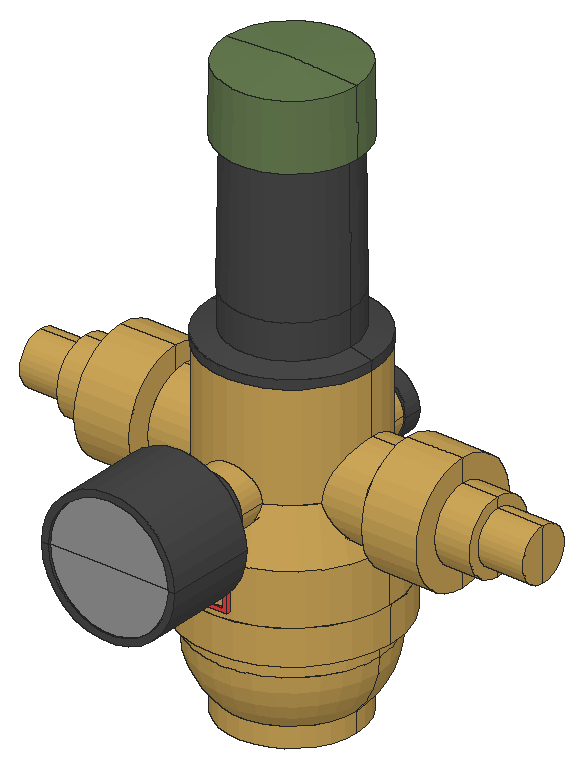
Revit family "Druckminderer mit Messingkappe 2682", category Rohrzubehör, Revit 2020
Family settings
  Bemaßung runder Anschluss = Durchmesser verwenden
  Teiletyp = Unterbricht
  OmniClass-Nummer = 23.65.55.14
  OmniClass-Titel = Valves for Liquid Services
  Arbeitsebenenbasiert = Nein
  Immer vertikal = Ja
  Beim Laden mit Abzugskörper schneiden = Nein
  Gemeinsam genutzt = Nein
Parameters (values of type "Manometer vorne")
  Werkseinstellung (sekundärseitig) = 300000.0 Pa  # constant formula
  W01 = 91.00°  # constant formula
  Vorne [instance] = yes
  Vorgabe-Ansicht = 0.000 mm
  VRL03 [instance] = size_lookup("2682_M_", "VRL3", 1.000 mm, Nennweite)  # 23.500 mm
  VRL02 [instance] = size_lookup("2682_M_", "VRL2", 1.000 mm, Nennweite)  # 16.000 mm
  VRL01 [instance] = size_lookup("2682_M_", "VRL1", 1.000 mm, Nennweite)  # 73.500 mm
  VRD02 [instance] = size_lookup("2682_M_", "VRD2", 1.000 mm, Nennweite)  # 17.000 mm
  VRD01 [instance] = size_lookup("2682_M_", "VRD1", 1.000 mm, Nennweite)  # 10.500 mm
  VRAG [instance] = Nennweite / 2  # 7.500 mm
  URL = "www.herz-armaturen.at"
  Standard = "EN 1567"  # constant formula
  SC_NennweiteBerechnet = 0
  SC_Dimension = ""
  SCTWSEQ = "AW;SBT_TYP_AW=\"111\";2"
  SCTWCODE = "04;24;02"  # constant formula
  S02 = 10.000 mm  # constant formula
  S01 [instance] = VRD02 * 2  # 34.000 mm
  R07 [instance] = R05 + 0.800 mm  # 9.300 mm
  R06 = 19.500 mm  # constant formula
  R05 [instance] = size_lookup("2682_M_", "R5", 1.000 mm, Nennweite)  # 8.500 mm
  R04 [instance] = size_lookup("2682_M_", "R4", 1.000 mm, Nennweite)  # 18.900 mm
  R03 [instance] = size_lookup("2682_M_", "R3", 1.000 mm, Nennweite)  # 19.250 mm
  R02 [instance] = size_lookup("2682_M_", "R2", 1.000 mm, Nennweite)  # 28.750 mm
  R01 [instance] = size_lookup("2682_M_", "R1", 1.000 mm, Nennweite)  # 23.250 mm
  Oberteile = "PA6.6"  # constant formula
  Nennweite [instance] = 15.000 mm
  Membrane = "EPDM"  # constant formula
  Medium = "Wasser"  # constant formula
  Max. Vordruck (primärseitig) = 1600000.0 Pa  # constant formula
  Max. Betriebstemperatur = 70 °C  # constant formula
  Maschenweite Filter = "0.3 mm"  # constant formula
  Manometerskala = "0 - 10 bar"  # constant formula
  Manometeranschluss (beidseitig) N = "1/4\" F (ISO 228-1)"
  LO01 [instance] = H02 - 2.000 mm  # 27.000 mm
  L01 [instance] = size_lookup("2682_M_", "L1", 1.000 mm, Nennweite)  # 10.600 mm
  L00 [instance] = size_lookup("2682_M_", "L", 1.000 mm, Nennweite)  # 84.000 mm
  Kappe = "Messing CW617N"  # constant formula
  Holländeranschlüsse = "Messing CW617N"  # constant formula
  Hinweis = "Gemäß Art 33 der REACH-Verordnung (EG Nr. 1907/2006) sind wir verpflichtet, darauf hinzuweisen, dass der Stoff Blei auf der SVHC-Liste geführt wird und dass alle aus Messing bestehenden Bauteile, die in unseren Erzeugnissen verarbeitet sind, mehr als 0,1 % (w/w) Blei (CAS: 7439-92-1 / EINECS: 231-100-4) enthalten.\r\nDa Blei als Legierungsbestandteil fest gebunden ist, sind keine Expositionen zu erwarten und daher sind keine zusätzlichen Angaben zur sicheren Verwendung notwendig."
  Hinten [instance] = no
  Hersteller = "HERZ Armaturen Ges.m.b.H."  # constant formula
  Handgriff = "PA 6.6, grün"  # constant formula
  H12 [instance] = size_lookup("2682_M_", "H12", 1.000 mm, Nennweite)  # 5.800 mm
  H11 [instance] = size_lookup("2682_M_", "H11", 1.000 mm, Nennweite)  # 10.000 mm
  H10 [instance] = size_lookup("2682_M_", "H10", 1.000 mm, Nennweite)  # 37.000 mm
  H09 [instance] = H01 + H04 - H05  # 84.500 mm
  H08 [instance] = size_lookup("2682_M_", "H8", 1.000 mm, Nennweite)  # 20.000 mm
  H07 [instance] = size_lookup("2682_M_", "H7", 1.000 mm, Nennweite)  # 10.000 mm
  H06 [instance] = size_lookup("2682_M_", "H6", 1.000 mm, Nennweite)  # 2.500 mm
  H05 [instance] = size_lookup("2682_M_", "H5", 1.000 mm, Nennweite)  # 4.700 mm
  H04 [instance] = size_lookup("2682_M_", "H4", 1.000 mm, Nennweite)  # 58.700 mm
  H03 [instance] = D02 + 1.000 mm  # 14.220 mm
  H02 [instance] = size_lookup("2682_M_", "H2", 1.000 mm, Nennweite)  # 29.000 mm
  H01 [instance] = size_lookup("2682_M_", "H1", 1.000 mm, Nennweite)  # 30.500 mm
  Gehäuse (DN32-DN50) = "Gussmessing (EN 1982; CC770S)"  # constant formula
  Gehäuse (DN15-DN25) = "geschmiedetes Messing (EN 12165; CW626N)"  # constant formula
  GT1 [instance] = size_lookup("2682_M_", "GT1", 1.000 mm, Nennweite)  # 12.000 mm
  GT [instance] = size_lookup("2682_M_", "GT", 1.000 mm, Nennweite)  # 13.200 mm
  Filter = "Edelstahl"  # constant formula
  Federführung = "Edelstahl"  # constant formula
  Feder = "Federstahl"  # constant formula
  Einstellbereich (sekundärseitig) = "1.5 - 6 bar"  # constant formula
  Dichtung im Druckreduziererelement = "EPDM"  # constant formula
  Dichtung der Holländeranschlüsse = "Klingersil C-4324"  # constant formula
  D09 [instance] = size_lookup("2682_M_", "D9", 1.000 mm, Nennweite)  # 19.000 mm
  D08 [instance] = size_lookup("2682_M_", "D8", 1.000 mm, Nennweite)  # 25.800 mm
  D07 [instance] = size_lookup("2682_M_", "D7", 1.000 mm, Nennweite)  # 29.000 mm
  D06 [instance] = size_lookup("2682_M_", "D6", 1.000 mm, Nennweite)  # 16.000 mm
  D05 [instance] = size_lookup("2682_M_", "D5", 1.000 mm, Nennweite)  # 16.800 mm
  D04 [instance] = size_lookup("2682_M_", "D4", 1.000 mm, Nennweite)  # 17.300 mm
  D03 [instance] = size_lookup("2682_M_", "D3", 1.000 mm, Nennweite)  # 23.500 mm
  D02 [instance] = size_lookup("2682_M_", "D2", 1.000 mm, Nennweite)  # 13.220 mm
  D01 [instance] = size_lookup("2682_M_", "D1", 1.000 mm, Nennweite)  # 9.525 mm
  Bestellnummer [instance] = size_lookup("2682_M_", "Artnr", 0, Nennweite)  # 1268221
  B03 = 5.000 mm  # constant formula
  B02 = 26.000 mm  # constant formula
  B01 [instance] = size_lookup("2682_M_", "B1", 1.000 mm, Nennweite)  # 30.000 mm
  B00 [instance] = size_lookup("2682_M_", "B", 1.000 mm, Nennweite)  # 67.000 mm
  Außengewinde = "gemäß ISO 7-1 und ISO228"  # constant formula
  Anwendung = "Typischerweise dient der Druckreduzierer dazu, Installationen beziehungsweise Anlagen vor zu hohem Druck zu schützen.\r\nWeiters können Druckreduzierer in Heizungsanlagen eingesetzt werden, um zu hohe Drücke im Boiler zu verhindern.\r\nDer Druck nach dem Druckreduzierer ist im angegebenen Bereich einstellbar und steht nicht im Zusammenhang mit dem Vordruck.\r\nUm den Druck nach dem Druckreduzierer zu steigern, muss der Handgriff im Uhrzeigersinn gedreht werden.\r\nDurch das Einstellen von Drücken, welche die vorgegebene Skala überschreiten, können Schäden am Druckreduzierer entstehen.\r\nWir empfehlen einen maximalen Hinterdruck sekundärseitig von 4 bar für Anlagen in privaten Haushalten (lange Produktlebensdauer, geringe Kosten).\r\nNach jeder Änderung des Einstellwertes muss die Ausgangsseite druckentlastet werden, zum Beispiel durch Wasserzapfen."
Types (3, lengths in mm): name | Vorne | Hinten
  (no name) | yes | no
  Manometer vorne | yes | no
  Manometer hinten | no | yes
Reference planes
  plane 1 "Mitte (Vorne/hinten)": y = 0
  plane 2: z = 0
  plane 3 "Mitte (Links/rechts)": x = 0
Forms (mm)
  Revolve 1, solid, material "Messing, weicher Gelbton, geschweißt", detail levels fine
    sketch origin (0, 0, 0) x (1, 0, 0) y (0, 0, 1)
      loop
        line (-42, 0) -> (42, 0) -> (42, 9.525) -> (31.4, 9.525) -> (31.4, 13.22) -> (-31.4, 13.22) -> (-31.4, 9.525) -> (-42, 9.525) -> (-42, 0)
      axis (-42, 0) -> (42, 0)
    angle from 0 to 360
  Revolve 2, solid, material "Messing, weicher Gelbton, geschweißt", detail levels fine
    sketch origin (0, 0, 0) x (1, 0, 0) y (0, 0, 1)
      loop
        line (0, -29) -> (28.75, -29) -> (28.75, -14.22) -> (23.25, 0) -> (23.25, 30.5) -> (0, 30.5) -> (0, -29)
      axis (0, 30.5) -> (0, -29)
    angle from 0 to 360
  Revolve 3, solid, material "Acetalharz, Schwarz", detail levels fine
    sketch origin (0, 0, 0) x (1, 0, 0) y (0, 0, 1)
      loop
        line (0, 30.5) -> (0, 89.2) -> (-16, 89.2) -> (-16, 84.5) -> (-16.8, 84.5) -> (-17.3, 44.5) -> (-17.3, 34.5) -> (-23.5, 33) -> (-23.5, 30.5) -> (0, 30.5)
      axis (0, 89.2) -> (0, 30.5)
    angle from 0 to 360
  Revolve 4, solid, material "Kunststoff GRÜN", detail levels fine
    sketch origin (0, 0, 0) x (1, 0, 0) y (0, 0, 1)
      loop
        line (0, 84.5) -> (19.25, 84.5) -> (18.9, 103.392)
        arc (18.9, 103.392) -> (9.466, 104.223) -> (0, 104.5) r 161.794
        line (0, 104.5) -> (0, 84.5)
      axis (0, 104.5) -> (0, 84.5)
    angle from 0 to 360
  Revolve 5, solid, material "Messing, weicher Gelbton, geschweißt", detail levels fine
    sketch origin (0, 0, 0) x (1, 0, 0) y (0, 0, 1)
      loop
        line (0, -29) -> (0, -66) -> (19, -66) -> (19, -60.2)
        arc (19, -60.2) -> (24.034, -52.577) -> (25.8, -43.615) r 23.626
        line (25.8, -43.615) -> (25.8, -39) -> (29, -39) -> (29, -29) -> (0, -29)
      axis (0, -29) -> (0, -66)
    angle from 0 to 360
  Revolve 6, solid, material "Messing, weicher Gelbton, geschweißt", detail levels fine
    sketch origin (0, 0, 0) x (1, 0, 0) y (0, 0, 1)
      loop
        line (34, 9.525) -> (46, 9.525) -> (46, 0) -> (73.5, 0) -> (73.5, 7.5) -> (60.3, 7.5) -> (60.3, 10.5) -> (50, 10.5) -> (50, 17) -> (34, 17) -> (34, 9.525)
      loop
        line (-34, 9.525) -> (-34, 17) -> (-50, 17) -> (-50, 10.5) -> (-60.3, 10.5) -> (-60.3, 7.5) -> (-73.5, 7.5) -> (-73.5, 0) -> (-46, 0) -> (-46, 9.525) -> (-34, 9.525)
      axis (-73.5, 0) -> (73.5, 0)
    angle from 0 to 360
  Revolve 7, solid, material "Messing, weicher Gelbton, geschweißt", detail levels fine
    sketch origin (0, 0, 0) x (1, 0, 0) y (0, 1, 0)
      loop
        line (0, 30) -> (0, -30) -> (8.5, -30) -> (8.5, 30) -> (0, 30)
      axis (0, 30) -> (0, -30)
    angle from 0 to 360
  Revolve 8, solid, material "Acetalharz, Schwarz", visible <- "Vorne", detail levels fine
    sketch origin (0, 0, 0) x (1, 0, 0) y (0, 1, 0)
      loop
        line (0, -30) -> (0, -65) -> (17.5, -65) -> (17.5, -67) -> (19.5, -67) -> (19.5, -41) -> (9.3, -41) -> (9.3, -30) -> (0, -30)
      axis (0, -30) -> (0, -67)
    angle from 0 to 360
  Revolve 9, solid, material "Acetalharz, Schwarz", visible <- "Vorne", detail levels fine
    sketch origin (0, 0, 0) x (1, 0, 0) y (0, 1, 0)
      loop
        line (0, 30) -> (9.3, 30) -> (9.3, 35) -> (0, 35) -> (0, 30)
      axis (0, 35) -> (0, 30)
    angle from 0 to 360
  Revolve 10, solid, material "Acetalharz, Schwarz", visible <- "Hinten", detail levels fine
    sketch origin (0, 0, 0) x (1, 0, 0) y (0, -1, 0)
      loop
        line (0, 30) -> (9.3, 30) -> (9.3, 35) -> (0, 35) -> (0, 30)
      axis (0, 35) -> (0, 30)
    angle from 0 to 360
  Revolve 11, solid, material "Acetalharz, Weiß", visible <- "Vorne", detail levels fine
    sketch origin (0, 0, 0) x (1, 0, 0) y (0, 1, 0)
      loop
        line (0, -65) -> (0, -66.5) -> (17.5, -66.5) -> (17.5, -65) -> (0, -65)
      axis (0, -65) -> (0, -66.5)
    angle from 0 to 360
  Revolve 12, solid, material "Acetalharz, Schwarz", visible <- "Hinten", detail levels fine
    sketch origin (0, 0, 0) x (1, 0, 0) y (0, -1, 0)
      loop
        line (0, -30) -> (0, -65) -> (17.5, -65) -> (17.5, -67) -> (19.5, -67) -> (19.5, -41) -> (9.3, -41) -> (9.3, -30) -> (0, -30)
      axis (0, -30) -> (0, -67)
    angle from 0 to 360
  Revolve 13, solid, material "Acetalharz, Weiß", visible <- "Hinten", detail levels fine
    sketch origin (0, 0, 0) x (1, 0, 0) y (0, -1, 0)
      loop
        line (0, -65) -> (0, -66.5) -> (17.5, -66.5) -> (17.5, -65) -> (0, -65)
      axis (0, -65) -> (0, -66.5)
    angle from 0 to 360
Lines and regions (mm)
  model lines, detail levels coarse+medium
    curve 1: line (-42, 0, -17) -> (-42, 0, 17)
    curve 2: line (-42, 0, 17) -> (42, 0, -34)
    curve 3: line (42, 0, -34) -> (42, 0, 34)
    curve 4: line (42, 0, 34) -> (-42, 0, -17)
    curve 5: line (-42, 0, 17) -> (-52, 0, 17)
    curve 6: line (-52, 0, 17) -> (-42, 0, 0)
    curve 7: line (-42, 0, -17) -> (-52, 0, -17)
    curve 8: line (-52, 0, -17) -> (-42, 0, 0)
    curve 9: line (-42, 0, 0) -> (-73.5, 0, 0)
    curve 10: line (42, 0, 17) -> (52, 0, 17)
    curve 11: line (52, 0, 17) -> (42, 0, 0)
    curve 12: line (42, 0, -17) -> (52, 0, -17)
    curve 13: line (52, 0, -17) -> (42, 0, 0)
    curve 14: line (42, 0, 0) -> (73.5, 0, 0)
    curve 15: line (-42, -17, 0) -> (-42, 17, 0)
    curve 16: line (-42, 17, 0) -> (42, -34, 0)
    curve 17: line (42, -34, 0) -> (42, 34, 0)
    curve 18: line (42, 34, 0) -> (-42, -17, 0)
    curve 19: line (-42, 17, 0) -> (-52, 17, 0)
    curve 20: line (-52, 17, 0) -> (-42, 0, 0)
    curve 21: line (-42, -17, 0) -> (-52, -17, 0)
    curve 22: line (-52, -17, 0) -> (-42, 0, 0)
    curve 23: line (42, 0, -17) -> (42, 0, 17)
    curve 24: line (42, 0, 17) -> (52, 0, 17)
    curve 25: line (52, 0, 17) -> (42, 0, 0)
    curve 26: line (42, 17, 0) -> (52, 17, 0)
    curve 27: line (52, 17, 0) -> (42, 0, 0)
    curve 28: line (42, -17, 0) -> (52, -17, 0)
    curve 29: line (52, -17, 0) -> (42, 0, 0)
Dimensions and locks
  equal spacing: Revolve 1 sketch curve, plane 3 "Mitte (Links/rechts)", Revolve 1 sketch curve
  "L00": Revolve 1 sketch curve to Revolve 1 sketch curve
  "L01": Revolve 1 sketch curve to Revolve 1 sketch curve  (x2)
  "D01": Revolve 1 sketch curve to Revolve 1 sketch curve  (x2)
  "D02": Revolve 1 sketch curve to plane 2
  "R01": Revolve 2 sketch curve to Revolve 2 sketch curve
  "R02": Revolve 2 sketch curve to Revolve 2 sketch curve
  "H01": Revolve 2 sketch curve to plane 2
  "H02": plane 2 to Revolve 2 sketch curve
  "H03": plane 2 to Revolve 2 sketch curve
  "H01": Revolve 3 sketch curve to plane 2
  "H04": Revolve 3 sketch curve to Revolve 3 sketch curve
  "H05": Revolve 3 sketch curve to Revolve 3 sketch curve
  "H06": Revolve 3 sketch curve to Revolve 3 sketch curve
  "H07": Revolve 3 sketch curve to Revolve 3 sketch curve
  "D03": Revolve 3 sketch curve to Revolve 3 sketch curve
  "D04": Revolve 3 sketch curve to Revolve 3 sketch curve
  "D05": Revolve 3 sketch curve to Revolve 3 sketch curve
  "D06": Revolve 3 sketch curve to Revolve 3 sketch curve
  "R03": Revolve 4 sketch curve to Revolve 4 sketch curve
  "H08": Revolve 4 sketch curve to Revolve 4 sketch curve
  "R04": Revolve 4 sketch curve to plane 3 "Mitte (Links/rechts)"
  "H09": Revolve 4 sketch curve to plane 2
  "H10": Revolve 5 sketch curve to Revolve 5 sketch curve
  "H02": plane 2 to Revolve 5 sketch curve
  "D07": Revolve 5 sketch curve to Revolve 5 sketch curve
  "H11": Revolve 5 sketch curve to Revolve 5 sketch curve
  "D08": Revolve 5 sketch curve to Revolve 5 sketch curve
  "H12": Revolve 5 sketch curve to Revolve 5 sketch curve
  "D09": Revolve 5 sketch curve to Revolve 5 sketch curve
  "VRL02": Revolve 6 sketch curve to Revolve 6 sketch curve  (x2)
  "VRL01": Revolve 6 sketch curve to plane 3 "Mitte (Links/rechts)"
  "GT": Revolve 6 sketch curve to Revolve 6 sketch curve  (x2)
  "VRL03": Revolve 6 sketch curve to Revolve 6 sketch curve  (x2)
  "D01": Revolve 6 sketch curve to plane 2  (x2)
  "GT1": Revolve 6 sketch curve to Revolve 6 sketch curve  (x2)
  "VRAG": Revolve 6 sketch curve to plane 2  (x2)
  "VRD01": Revolve 6 sketch curve to plane 2  (x2)
  "VRD02": Revolve 6 sketch curve to Revolve 6 sketch curve  (x2)
  "VRL01": plane 3 "Mitte (Links/rechts)" to Revolve 6 sketch curve
  "B01": Revolve 7 sketch curve to plane 1 "Mitte (Vorne/hinten)" to Revolve 7 sketch curve
  "R05": Revolve 7 sketch curve to Revolve 7 sketch curve
  "B00": Revolve 8 sketch curve to plane 1 "Mitte (Vorne/hinten)"
  "B01": plane 1 "Mitte (Vorne/hinten)" to Revolve 8 sketch curve
  "B02": Revolve 8 sketch curve to Revolve 8 sketch curve
  "R06": Revolve 8 sketch curve to Revolve 8 sketch curve
  "R07": Revolve 8 sketch curve to Revolve 8 sketch curve
  "R02": nested 1 to plane 1 "Mitte (Vorne/hinten)"
  "LO01": plane 2 to nested 1
  "VRD02": curve 2 to plane 2 to curve 4
  "S01": curve 4 to plane 2 to curve 3
  equal spacing: curve 3, plane 3 "Mitte (Links/rechts)", curve 1
  "L00": curve 3 to curve 1
  "S02": curve 1 to curve 6
  "S02": curve 1 to curve 8
  "VRL01": plane 3 "Mitte (Links/rechts)" to curve 9
  "S02": curve 11 to curve 3
  "S02": curve 13 to curve 3
  "VRL01": curve 14 to plane 3 "Mitte (Links/rechts)"
  "VRD02": curve 10 to plane 2 to curve 12
  equal spacing: curve 15, plane 3 "Mitte (Links/rechts)", curve 17
  "L00": curve 15 to curve 17
  "VRD02": curve 18 to plane 1 "Mitte (Vorne/hinten)" to curve 16
  "S01": curve 17 to plane 1 "Mitte (Vorne/hinten)" to curve 18
  "S02": curve 20 to curve 15
  "S02": curve 22 to curve 15
  "S02": curve 17 to curve 27
  "S02": curve 17 to curve 29
  "VRD02": curve 28 to plane 1 "Mitte (Vorne/hinten)" to curve 26
  "R07": Revolve 9 sketch curve to Revolve 9 sketch curve
  "B03": Revolve 9 sketch curve to Revolve 9 sketch curve
  "B01": plane 1 "Mitte (Vorne/hinten)" to Revolve 9 sketch curve
  "R07": Revolve 10 sketch curve to Revolve 10 sketch curve
  "B03": Revolve 10 sketch curve to Revolve 10 sketch curve
  "B01": Revolve 10 sketch curve to plane 1 "Mitte (Vorne/hinten)"
  "B02": Revolve 12 sketch curve to Revolve 12 sketch curve
  "R06": Revolve 12 sketch curve to Revolve 12 sketch curve
  "R07": Revolve 12 sketch curve to Revolve 12 sketch curve
  aligned and locked: level to plane 2
Automatic sketch dimensions
  Revolve 11 sketch curve to plane 3 "Mitte (Links/rechts)" = 0.000 mm  (x2)
  plane 3 "Mitte (Links/rechts)" to Revolve 11 sketch curve = 17.500 mm
  plane 1 "Mitte (Vorne/hinten)" to Revolve 11 sketch curve = 66.500 mm
  Revolve 11 sketch curve to Revolve 11 sketch curve = 1.500 mm
  Revolve 11 sketch curve to Revolve 11 sketch curve = 1933.500 mm
  Revolve 11 sketch curve to plane 1 "Mitte (Vorne/hinten)" = 2000.000 mm
  Revolve 13 sketch curve to plane 3 "Mitte (Links/rechts)" = 0.000 mm  (x2)
  Revolve 13 sketch curve to plane 3 "Mitte (Links/rechts)" = 17.500 mm
  plane 1 "Mitte (Vorne/hinten)" to Revolve 13 sketch curve = 66.500 mm
  Revolve 13 sketch curve to Revolve 13 sketch curve = 1.500 mm
  Revolve 13 sketch curve to Revolve 13 sketch curve = 1933.500 mm
  Revolve 13 sketch curve to plane 1 "Mitte (Vorne/hinten)" = 2000.000 mm
  curve 25 to level = 0.000 mm
  curve 14 to level = 0.000 mm
  curve 6 to level = 0.000 mm
  curve 8 to level = 0.000 mm
  curve 24 to curve 10 = 0.000 mm
  plane 1 "Mitte (Vorne/hinten)" to curve 29 = 0.000 mm
  plane 1 "Mitte (Vorne/hinten)" to curve 20 = 0.000 mm
  Revolve 1 sketch curve to level = 0.000 mm  (x2)
  Revolve 1 sketch curve to Revolve 1 sketch curve = 1464.530 mm
  Revolve 1 sketch curve to Revolve 1 sketch curve = 1797.148 mm
  Revolve 2 sketch curve to plane 3 "Mitte (Links/rechts)" = 0.000 mm  (x2)
  Revolve 2 sketch curve to level = 0.000 mm
  Revolve 2 sketch curve to Revolve 2 sketch curve = 337.045 mm
  Revolve 2 sketch curve to Revolve 2 sketch curve = 2183.815 mm
  Revolve 3 sketch curve to plane 3 "Mitte (Links/rechts)" = 0.000 mm  (x2)
  Revolve 3 sketch curve to Revolve 3 sketch curve = 1.500 mm
  Revolve 3 sketch curve to level = 366.045 mm
  Revolve 3 sketch curve to Revolve 3 sketch curve = 2125.115 mm
  Revolve 4 sketch curve to plane 3 "Mitte (Links/rechts)" = 0.000 mm  (x2)
  Revolve 4 sketch curve to level = 57.294 mm
  Revolve 4 sketch curve to Revolve 4 sketch curve = 308.751 mm
  Revolve 4 sketch curve to Revolve 4 sketch curve = 2109.815 mm
  Revolve 5 sketch curve to plane 3 "Mitte (Links/rechts)" = 0.000 mm  (x2)
  plane 3 "Mitte (Links/rechts)" to Revolve 5 sketch curve = 2.174 mm
  Revolve 5 sketch curve to Revolve 5 sketch curve = 300.045 mm
  level to Revolve 5 sketch curve = 2214.315 mm
  Revolve 6 sketch curve to level = 0.000 mm  (x3)
  Revolve 6 sketch curve to Revolve 6 sketch curve = 1433.030 mm
  Revolve 6 sketch curve to Revolve 6 sketch curve = 1765.648 mm
  Revolve 7 sketch curve to plane 3 "Mitte (Links/rechts)" = 0.000 mm  (x2)
  Revolve 7 sketch curve to Revolve 7 sketch curve = 1950.000 mm  (x2)
  Revolve 8 sketch curve to plane 3 "Mitte (Links/rechts)" = 0.000 mm  (x2)
  Revolve 8 sketch curve to Revolve 8 sketch curve = 2.000 mm  (x2)
  Revolve 8 sketch curve to Revolve 8 sketch curve = 1936.000 mm
  Revolve 8 sketch curve to plane 1 "Mitte (Vorne/hinten)" = 2000.000 mm
  Revolve 9 sketch curve to plane 3 "Mitte (Links/rechts)" = 0.000 mm  (x2)
  plane 1 "Mitte (Vorne/hinten)" to Revolve 9 sketch curve = 2000.000 mm
  Revolve 9 sketch curve to Revolve 9 sketch curve = 1963.669 mm
  Revolve 10 sketch curve to plane 3 "Mitte (Links/rechts)" = 0.000 mm  (x2)
  plane 1 "Mitte (Vorne/hinten)" to Revolve 10 sketch curve = 2000.000 mm
  Revolve 10 sketch curve to Revolve 10 sketch curve = 1963.669 mm
  Revolve 12 sketch curve to plane 3 "Mitte (Links/rechts)" = 0.000 mm  (x2)
  Revolve 12 sketch curve to Revolve 12 sketch curve = 2.000 mm  (x2)
  plane 1 "Mitte (Vorne/hinten)" to Revolve 12 sketch curve = 67.000 mm
  Revolve 12 sketch curve to Revolve 12 sketch curve = 11.000 mm
  Revolve 12 sketch curve to Revolve 12 sketch curve = 1936.000 mm
  Revolve 12 sketch curve to plane 1 "Mitte (Vorne/hinten)" = 2000.000 mm
Nested families
  nested 1: "Herz-Logo-vorne" at (0, -28.75, -22.5) x (0, 1, 0) z (0, 0, 1), type "Herz-Logo-vorne", detail levels fine
Connectors
  piping at (73.5, 0, 0), diameter 15, driven by "Nennweite"
    settings: on Revolve 6, index 1, connector inside diameter 609.6 mm, connector length 0.000 mm, flow factor 0, pipe flow 0.0 L/s, pressure drop 0.0 Pa, fitting loss kfactor 0, connector angle 0.00°, fixture units 0, engagement length 0.000 mm, angle of deflection 0.00°, flow configuration 0, flow direction 2, fitting loss method 0, system type 29, joint type 0, gender type 0, connector reference index -1, connector utility 0, adjustable connector no, is connector primary yes, connector description ""
  piping at (-73.5, 0, 0), diameter 15, driven by "Nennweite"
    settings: on Revolve 6, index 2, connector inside diameter 609.6 mm, connector length 0.000 mm, flow factor 0, pipe flow 0.0 L/s, pressure drop 0.0 Pa, fitting loss kfactor 0, connector angle 0.00°, fixture units 0, engagement length 0.000 mm, angle of deflection 0.00°, flow configuration 0, flow direction 1, fitting loss method 0, system type 29, joint type 0, gender type 0, connector reference index -1, connector utility 0, adjustable connector no, is connector primary no, connector description ""
Definition of nested family "Herz-Logo-vorne"
  Parameters (values of type "Herz-Logo-vorne")
    Default Elevation = 0.000 mm
  Reference planes
    plane 1 "Mitte (Vorne/hinten)": y = 0
    plane 2: z = 0
    plane 3 "Mitte (Links/rechts)": x = 0
  Forms (mm)
    Extrusion 1, solid
      sketch origin (0.732, -0.018, 0.017) x (0, -1, 0) y (0, 0, 1)
        loop
          line (-0.018, -4.517) -> (4.482, -4.517) -> (4.482, 4.483) -> (-4.518, 4.483) -> (-4.518, -4.517) -> (-0.018, -4.517)
        loop
          line (-0.05, -3.48) -> (3.482, -3.48) -> (3.482, 3.483) -> (-3.518, 3.483) -> (-3.518, -3.48) -> (-0.05, -3.48)
        loop
          arc (-0.018, 2.383) -> (-1.543, 3.287) -> (-3.067, 2.383) r 1.738
          arc (-3.067, 2.383) -> (-3.191, 1.899) -> (-3.067, 1.415) r 1.009
          line (-3.067, 1.415) -> (-0.018, -3.281) -> (3.032, 1.415)
          arc (3.032, 1.415) -> (3.156, 1.899) -> (3.032, 2.383) r 1.009
          arc (3.032, 2.383) -> (1.507, 3.287) -> (-0.018, 2.383) r 1.738
        loop
          arc (1.885, 1.272) -> (2.005, 1.675) -> (1.885, 2.079) r 0.74
          arc (1.885, 2.079) -> (1.265, 2.416) -> (0.644, 2.079) r 0.74
          line (0.644, 2.079) -> (-0.018, 0.97) -> (-0.679, 2.079)
          arc (-0.679, 2.079) -> (-1.3, 2.416) -> (-1.921, 2.079) r 0.74
          arc (-1.921, 2.079) -> (-2.04, 1.675) -> (-1.921, 1.272) r 0.74
          line (-1.921, 1.272) -> (-0.018, -1.658) -> (1.885, 1.272)
      from 0 to 1.5
  Dimensions and locks
    aligned and locked: level to plane 2
